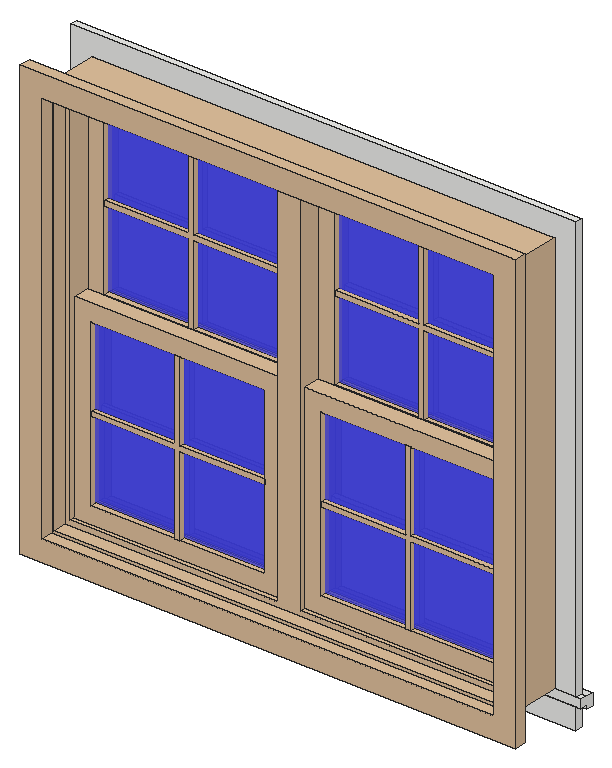
Revit family "f85bfa543313479ebe81d5e782c4ee9b", category Windows, host Wall, Revit 2021
Family settings
  Host = Wall
  OmniClass Number = 23.30.20.17.17.14
  OmniClass Title = Double-Hung Windows
  Always vertical = Yes
  Cut with Voids When Loaded = No
  Shared = No
  Room Calculation Point = No
Parameters (values of type "48" x 42"")
  Wall Thickness [instance] = 0' - 6"
  Window Inset [instance] = 0' - 0"
  Visual Light Transmittance = 0.81
  Top Muntin Visibility = yes
  Thermal Resistance (R) = 1.8146 (h·ft²·°F)/BTU
  Solar Heat Gain Coefficient = 0.76
  Muntin Width = 0.5 * (Width - 0' 6" - 0' 5 7/8")  # 1' - 6 1/16"
  Muntin Pattern = Muntin Pattern_2x2 : Muntin Pattern_2x2
  Muntin Height = 0.5 * (Height - 0' 6" - 0' 1 3/4")  # 1' - 5 1/8"
  Interior Wall Closure [instance] = 0' - 1 1/2"
  Interior Trim Material = Wood - Stained
  Interior Trim = Trim-Window-Interior-Flat : Picture Frame
  Rough Width = Width + 0' 0 1/2"  # 4' - 0 1/2"
  Rough Height = Height + 0' 0 1/2"  # 3' - 6 1/2"
  Indicator Visibility [instance] = yes
  Frame Extension [instance] = if(Exterior Trim Visibility, Window Inset + 0' 1 1/4", 0' 1 1/4")  # 0' - 1 1/4"
  Fire Rating = "0.5h"
  Exterior Wall Closure [instance] = 0' - 0 1/2"
  Exterior Trim Material = Clad - White
  Extension Jamb Visibility [instance] = and(Interior Trim Visibility, Wall Thickness - Window Inset > 0' 4 1/2")  # yes
  Interior Trim Visibility [instance] = yes
  Exterior Trim Visibility [instance] = yes
  Exterior Trim = Trim-Window-Exterior-Flat : with Sill
  Extension Jamb [instance] = if(Wall Thickness - Window Inset > 0' 4 1/2", Wall Thickness - Window Inset - 0' 4 1/2", 0' 1")  # 0' - 1 1/2"
  Define Thermal Properties by = Schematic Type
  Construction Type Id = "DG-DR"
  Heat Transfer Coefficient (U) = 0.5511 BTU/(h·ft²·°F)
  Bottom Muntin Visibility = yes
  Assembly Code = "B2020100"
  Glass Panel Material = Glass
  Height = 3' - 6"
  Exterior Frame Material = Clad - White
  Interior Frame Material = Wood - Stained
  Wall Closure = By host
  Width = 4' - 0"
  Analytic Construction = "Double glazing - domestic"
Reference planes (in)
  plane 1 "Center (Front/Back)": y = 0
  plane 2: z = 0
  plane 3 "Center": x = 0
  plane 4 "Left": x = -24
  plane 5 "Right": x = 24
  plane 6 "Sill": z = 36
  plane 7 "Top": z = 78
  plane 8 "Wall Face": y = 3
  plane 9: y = -3
  plane 10 "Middle": z = 57
  plane 11: z = 76.75
  plane 12: z = 37.25
  plane 13: x = 22.75
  plane 14: x = -22.75
  plane 15: x = 21
  plane 16: x = -21
  plane 17: z = 39
  plane 18: z = 75
  plane 19 "Wall Closure": y = -1.5
  plane 20: z = 77.375
  plane 21 "Frame Face": y = 3.75
  plane 22 "Sash 2": y = -1
  plane 23 "Sash Face 1": y = 2.5
  plane 24 "Inset Face": y = 3
  plane 25 "Sash 1": y = 0.75
  plane 26 "Glass 1": y = 1.625
  plane 27: z = 57.875
  plane 28: z = 56.125
  plane 29 "Glass 2": y = -0.125
  plane 30: y = -1.5
  plane 31: x = -1.1875
  plane 32: x = 1.1875
  plane 33: x = 11.96875
  plane 34: x = -11.96875
  plane 35: z = 66.4375
  plane 36: z = 47.5625
  plane 37: x = -2.9375
  plane 38: x = 2.9375
  plane 39: y = -1.5
  plane 40: y = 2.5
  plane 41: y = 3.75
Forms (in)
  Extrusion 1, solid, material "Wood - Stained" <- "Interior Frame Material", visible <- "Extension Jamb Visibility"
    sketch origin (0, -0.25, 0) x (-1, 0, 0) y (0, 0, 1)
      loop
        line (24, 78) -> (-24, 78) -> (-24, 36) -> (24, 36) -> (24, 78)
      loop
        line (23.25, 77.25) -> (-23.25, 77.25) -> (-23.25, 36.75) -> (23.25, 36.75) -> (23.25, 77.25)
    from -2.75 to -1.25
  Sweep 2, solid, material "Wood - Stained" <- "Interior Frame Material"
    path origin (0, 2.5, 0) x (-1, 0, 0) y (0, 0, 1)
      loop
        line (-24, 36) -> (24, 36) -> (24, 78) -> (-24, 78) -> (-24, 36)
    profile origin (24, 2.5, 57) x (1, 0, 0) y (0, 1, 0)
      loop
        line (-1.25, 1.25) -> (-1.25, -4) -> (0, -4) -> (0, 1.25) -> (-1.25, 1.25)
  Sweep 3, solid, material "Wood - Stained" <- "Interior Frame Material"
    path origin (0, 2.5, 0) x (-1, 0, 0) y (0, 0, 1)
      loop
        line (-22.75, 56.125) -> (-1.1875, 56.125) -> (-1.1875, 76.75) -> (-22.75, 76.75) -> (-22.75, 56.125)
    profile origin (22.75, 2.5, 66.4375) x (1, 0, 0) y (0, 1, 0)
      loop
        line (0, 0) -> (-1.75, 0) -> (-1.75, -1.75) -> (0, -1.75) -> (0, 0)
  Sweep 4, solid, material "Wood - Stained" <- "Interior Frame Material"
    path origin (0, 0.75, 0) x (-1, 0, 0) y (0, 0, 1)
      loop
        line (-22.75, 37.25) -> (-1.1875, 37.25) -> (-1.1875, 57.875) -> (-22.75, 57.875) -> (-22.75, 37.25)
    profile origin (22.75, 0.75, 47.5625) x (1, 0, 0) y (0, 1, 0)
      loop
        line (0, 0) -> (-1.75, 0) -> (-1.75, -1.75) -> (0, -1.75) -> (0, 0)
  Extrusion 5, solid, material "Glass" <- "Glass Panel Material"
    sketch origin (0, 0, 36) x (0, -1, 0) y (1, 0, 0)
      loop
        line (-2, 2.9375) -> (-1.75, 2.9375) -> (-1.75, 21) -> (-2, 21) -> (-2, 2.9375)
      loop
        line (-1.5, 21) -> (-1.5, 2.9375) -> (-1.25, 2.9375) -> (-1.25, 21) -> (-1.5, 21)
    from 21.875 to 39
  Extrusion 6, solid, material "Glass" <- "Glass Panel Material"
    sketch origin (0, 0, 0) x (1, 0, 0) y (0, 1, 0)
      loop
        line (2.9375, 0.25) -> (2.9375, 0) -> (21, 0) -> (21, 0.25) -> (2.9375, 0.25)
      loop
        line (21, -0.25) -> (2.9375, -0.25) -> (2.9375, -0.5) -> (21, -0.5) -> (21, -0.25)
    from 39 to 56.125
  Extrusion 7, solid, material "Wood - Stained" <- "Interior Frame Material"
    sketch origin (0, 0, 0) x (1, 0, 0) y (0, 1, 0)
      loop
        line (-1.1875, 3.75) -> (-1.1875, -1.5) -> (1.1875, -1.5) -> (1.1875, 3.75) -> (-1.1875, 3.75)
    from 37.25 to 76.75
  Sweep 8, solid, material "Wood - Stained" <- "Interior Frame Material"
    path origin (0, 2.5, 0) x (1, 0, 0) y (0, 0, 1)
      loop
        line (-22.75, 56.125) -> (-1.1875, 56.125) -> (-1.1875, 76.75) -> (-22.75, 76.75) -> (-22.75, 56.125)
    profile origin (-22.75, 2.5, 66.4375) x (1, 0, 0) y (0, 1, 0)
      loop
        line (0, 0) -> (0, -1.75) -> (1.75, -1.75) -> (1.75, 0) -> (0, 0)
  Sweep 9, solid, material "Wood - Stained" <- "Interior Frame Material"
    path origin (0, 0.75, 0) x (1, 0, 0) y (0, 0, 1)
      loop
        line (-22.75, 37.25) -> (-1.1875, 37.25) -> (-1.1875, 57.875) -> (-22.75, 57.875) -> (-22.75, 37.25)
    profile origin (-22.75, 0.75, 47.5625) x (1, 0, 0) y (0, 1, 0)
      loop
        line (0, 0) -> (0, -1.75) -> (1.75, -1.75) -> (1.75, 0) -> (0, 0)
  Extrusion 10, solid, material "Glass" <- "Glass Panel Material"
    sketch origin (0, 0, 36) x (0, -1, 0) y (1, 0, 0)
      loop
        line (-2, -2.9375) -> (-2, -21) -> (-1.75, -21) -> (-1.75, -2.9375) -> (-2, -2.9375)
      loop
        line (-1.5, -21) -> (-1.25, -21) -> (-1.25, -2.9375) -> (-1.5, -2.9375) -> (-1.5, -21)
    from 21.875 to 39
  Extrusion 11, solid, material "Glass" <- "Glass Panel Material"
    sketch origin (0, 0, 0) x (-1, 0, 0) y (0, -1, 0)
      loop
        line (2.9375, -0.25) -> (21, -0.25) -> (21, 0) -> (2.9375, 0) -> (2.9375, -0.25)
      loop
        line (21, 0.25) -> (21, 0.5) -> (2.9375, 0.5) -> (2.9375, 0.25) -> (21, 0.25)
    from 39 to 56.125
Cuts and joins
  joined: Sweep 2, Extrusion 7
Lines and regions (in)
  Opening 1
    outline origin (-60, -3, 0) x (1, 0, 0) y (0, 0, 1)
      loop
        line (84, 78) -> (36, 78) -> (36, 36) -> (84, 36) -> (84, 78)
  Split face 1
    outline origin (2.9375, -1, 39) x (1, 0, 0) y (0, 1, 0)
      loop
        line (0, 1) -> (18.0625, 1)
  Split face 2
    outline origin (21, -1, 39) x (0, 0, 1) y (0, 1, 0)
      loop
        line (0, 1) -> (17.125, 1)
  Split face 3
    outline origin (2.9375, -1, 56.125) x (0, 0, -1) y (0, 1, 0)
      loop
        line (17.125, 1) -> (0, 1)
  Split face 4
    outline origin (21, -1, 56.125) x (0, 1, 0) y (-1, 0, 0)
      loop
        line (1, 0) -> (1, 18.0625)
  Split face 5
    outline origin (2.9375, 0.75, 57.875) x (1, 0, 0) y (0, 1, 0)
      loop
        line (18.0625, 0.75) -> (0, 0.75)
  Split face 6
    outline origin (2.9375, 0.75, 57.875) x (1, 0, 0) y (0, 1, 0)
      loop
        line (18.0625, 1) -> (0, 1)
  Split face 7
    outline origin (21, 0.75, 57.875) x (0, 0, 1) y (0, 1, 0)
      loop
        line (0, 1) -> (17.125, 1)
  Split face 8
    outline origin (2.9375, 0.75, 75) x (0, 0, -1) y (0, 1, 0)
      loop
        line (17.125, 1) -> (0, 1)
  Split face 9
    outline origin (21, 0.75, 75) x (0, 1, 0) y (-1, 0, 0)
      loop
        line (1, 0) -> (1, 18.0625)
  Split face 10
    outline origin (-2.9375, 0.75, 39) x (-1, 0, 0) y (0, -1, 0)
      loop
        line (0, 0.75) -> (18.0625, 0.75)
  Split face 11
    outline origin (-21, 0.75, 39) x (0, 0, 1) y (0, -1, 0)
      loop
        line (0, 0.75) -> (17.125, 0.75)
  Split face 12
    outline origin (-2.9375, 0.75, 56.125) x (0, 0, -1) y (0, -1, 0)
      loop
        line (17.125, 0.75) -> (0, 0.75)
  Split face 13
    outline origin (-21, 0.75, 56.125) x (0, -1, 0) y (1, 0, 0)
      loop
        line (0.75, 0) -> (0.75, 18.0625)
  Split face 14
    outline origin (-2.9375, 2.5, 57.875) x (-1, 0, 0) y (0, -1, 0)
      loop
        line (18.0625, 1) -> (0, 1)
  Split face 15
    outline origin (-2.9375, 2.5, 57.875) x (-1, 0, 0) y (0, -1, 0)
      loop
        line (18.0625, 0.75) -> (0, 0.75)
  Split face 16
    outline origin (-21, 2.5, 57.875) x (0, 0, 1) y (0, -1, 0)
      loop
        line (0, 0.75) -> (17.125, 0.75)
  Split face 17
    outline origin (-2.9375, 2.5, 75) x (0, 0, -1) y (0, -1, 0)
      loop
        line (17.125, 0.75) -> (0, 0.75)
  Split face 18
    outline origin (-21, 2.5, 75) x (0, -1, 0) y (1, 0, 0)
      loop
        line (0.75, 0) -> (0.75, 18.0625)
  Split face 19
    outline origin (22.75, -1.5, 37.25) x (0, 0, 1) y (0, 1, 0)
      loop
        line (39.5, 4) -> (18.875, 4) -> (18.875, 2.25) -> (0, 2.25)
  Split face 20
    outline origin (-1.1875, 3.75, 76.75) x (0, 0, -1) y (0, -1, 0)
      loop
        line (0, 1.25) -> (20.625, 1.25) -> (20.625, 3) -> (39.5, 3)
  Split face 21
    outline origin (1.1875, -1.5, 76.75) x (0, 0, -1) y (0, 1, 0)
      loop
        line (0, 4) -> (20.625, 4) -> (20.625, 2.25) -> (39.5, 2.25)
  Split face 22
    outline origin (-22.75, -1.5, 76.75) x (0, 0, -1) y (0, 1, 0)
      loop
        line (0, 4) -> (20.625, 4) -> (20.625, 2.25) -> (39.5, 2.25)
  Split face 23
    outline origin (-22.75, -1.5, 37.25) x (1, 0, 0) y (0, 1, 0)
      loop
        line (45.5, 2.25) -> (23.9375, 2.25)
      loop
        line (0, 2.25) -> (21.5625, 2.25)
  Split face 24
    outline origin (22.75, -1.5, 76.75) x (0, 1, 0) y (-1, 0, 0)
      loop
        line (4, 0) -> (4, 21.5625)
      loop
        line (4, 23.9375) -> (4, 45.5)
Text (in)
  text "EXTERIOR" at (-58.6888, 30.41546, 0), in view "Ref. Level"
  text "INTERIOR" at (-58.6888, -28.32711, 0), in view "Ref. Level"
  text "Exterior" at (0, 43.65631, 134.44969), in view "Left"
  text "Exterior" at (0, 18.29385, 125.04747), in view "Right"
Dimensions and locks (in)
  equal spacing: plane 4 "Left", plane 3 "Center", plane 5 "Right"
  "Width": plane 4 "Left" to plane 5 "Right"
  equal spacing: plane 6 "Sill", plane 10 "Middle", plane 7 "Top"
  "Height": plane 7 "Top" to plane 6 "Sill"
  locked: plane 5 "Right" to plane 13 at 1.25
  locked: plane 14 to plane 4 "Left" at 1.25
  locked: plane 11 to plane 7 "Top" at 1.25
  locked: plane 6 "Sill" to plane 12 at 1.25
  locked: plane 15 to plane 13 at 1.75
  locked: plane 14 to plane 16 at 1.75
  locked: plane 18 to plane 11 at 1.75
  locked: plane 12 to plane 17 at 1.75
  "Wall Thickness": host wall to host wall
  locked: plane 7 "Top" to plane 20 at 0.625
  locked: plane 21 "Frame Face" to plane 8 "Wall Face" at 0.75
  locked: plane 23 "Sash Face 1" to plane 25 "Sash 1" at 1.75
  locked: plane 25 "Sash 1" to plane 22 "Sash 2" at 1.75
  equal spacing: plane 23 "Sash Face 1", plane 26 "Glass 1", plane 25 "Sash 1"
  equal spacing: plane 28, plane 10 "Middle", plane 27
  locked: plane 28 to plane 27 at 1.75
  locked: Extrusion 5 sketch curve to Extrusion 5 sketch curve at 0.25  (x3)
  equal spacing: Extrusion 5 sketch curve, plane 26 "Glass 1", Extrusion 5 sketch curve
  equal spacing: plane 25 "Sash 1", plane 29 "Glass 2", plane 22 "Sash 2"
  locked: Extrusion 6 sketch curve to Extrusion 6 sketch curve at 0.25  (x3)
  equal spacing: Extrusion 6 sketch curve, plane 29 "Glass 2", Extrusion 6 sketch curve
  locked: plane 22 "Sash 2" to plane 30 at 0.5
  "Extension Jamb": plane 19 "Wall Closure" to host wall
  equal spacing: plane 31, plane 3 "Center", plane 32
  locked: plane 31 to plane 32 at 2.375
  locked: Extrusion 10 sketch curve to Extrusion 10 sketch curve at 0.25  (x2)
  Extrusion 10 sketch curve to Extrusion 10 sketch curve = 0' - 0 1/4"
  locked: Extrusion 11 sketch curve to Extrusion 11 sketch curve at 0.25  (x3)
  Extrusion 11 sketch curve to Extrusion 11 sketch curve = 0' - 0 1/4"
  equal spacing: Extrusion 10 sketch curve, plane 26 "Glass 1", Extrusion 10 sketch curve
  equal spacing: Extrusion 11 sketch curve, plane 29 "Glass 2", Split face 13
  locked: Extrusion 1 sketch curve to plane 7 "Top" at 0.75
  locked: Extrusion 1 sketch curve to plane 5 "Right" at 0.75
  locked: plane 6 "Sill" to Extrusion 1 sketch curve at 0.75
  locked: plane 4 "Left" to Extrusion 1 sketch curve at 0.75
  "Window Inset": plane 8 "Wall Face" to plane 24 "Inset Face"
  locked: plane 24 "Inset Face" to plane 23 "Sash Face 1" at 0.5
  equal spacing: plane 13, plane 33, plane 32
  equal spacing: plane 31, plane 34, plane 14
  equal spacing: plane 17, plane 36, plane 28
  equal spacing: plane 27, plane 35, plane 18
  locked: plane 31 to plane 37 at 1.75
  locked: plane 38 to plane 32 at 1.75
  "Interior Wall Closure": plane 39 to plane 9
  "Exterior Wall Closure": plane 8 "Wall Face" to plane 40
  "Frame Extension": plane 41 to plane 23 "Sash Face 1"
  aligned and locked: plane 9 to host wall
  aligned and locked: host wall to plane 8 "Wall Face"
  aligned and locked: Opening 1 sketch curve to plane 4 "Left"
  aligned and locked: Opening 1 sketch curve to plane 7 "Top"
  aligned and locked: plane 5 "Right" to Opening 1 sketch curve
  aligned and locked: Opening 1 sketch curve to plane 6 "Sill"
  aligned and locked: Extrusion 1 sketch curve to plane 7 "Top"
  aligned and locked: Extrusion 1 sketch curve to plane 4 "Left"
  aligned and locked: plane 5 "Right" to Extrusion 1 sketch curve
  aligned and locked: Extrusion 1 sketch curve to plane 6 "Sill"
  aligned and locked: Extrusion 1 to plane 19 "Wall Closure"
  aligned and locked: Sweep 2 sketch curve to host wall  (x3)
  aligned and locked: plane 5 "Right" to Sweep 2 sketch curve
  aligned and locked: plane 13 to Sweep 2 sketch curve
  aligned and locked: Sweep 3 sketch curve to plane 13
  aligned and locked: Sweep 3 sketch curve to plane 11
  aligned and locked: Sweep 3 sketch curve to plane 25 "Sash 1"
  aligned and locked: plane 28 to Sweep 3 sketch curve
  aligned and locked: Sweep 4 sketch curve to plane 27
  aligned and locked: Sweep 4 sketch curve to plane 13
  aligned and locked: plane 12 to Sweep 4 sketch curve
  aligned and locked: profile plane to Sweep 4 sketch curve
  aligned and locked: Sweep 4 sketch curve to profile plane
  aligned and locked: Sweep 4 sketch curve to plane 22 "Sash 2"
  aligned and locked: plane 15 to Sweep 4 sketch curve
  aligned and locked: plane 18 to Extrusion 5
  aligned and locked: plane 15 to Extrusion 6 sketch curve
  aligned and locked: Extrusion 6 sketch curve to plane 15
  aligned and locked: Extrusion 6 to plane 17
  aligned and locked: plane 28 to Extrusion 6
  aligned and locked: Extrusion 6 to Split face 1 sketch curve
  aligned and locked: Split face 2 sketch curve to Extrusion 6
  aligned and locked: Split face 3 sketch curve to Extrusion 6
  aligned and locked: Split face 4 sketch curve to Extrusion 6
  aligned and locked: plane 15 to Sweep 3 sketch curve
  aligned and locked: Extrusion 5 to plane 27
  aligned and locked: plane 15 to Extrusion 5 sketch curve
  aligned and locked: Extrusion 5 sketch curve to plane 15
  aligned and locked: Split face 6 sketch curve to Extrusion 5
  aligned and locked: Split face 7 sketch curve to Extrusion 5
  aligned and locked: Split face 8 sketch curve to Extrusion 5
  aligned and locked: Split face 9 sketch curve to Extrusion 5
  aligned and locked: Sweep 2 sketch curve to plane 30
  aligned and locked: Extrusion 1 to plane 9
  aligned and locked: nested 1 to plane 26 "Glass 1"
  aligned and locked: nested 2 to plane 29 "Glass 2"
  aligned and locked: nested 3 to plane 8 "Wall Face"
  aligned and locked: nested 3 to plane 4 "Left"
  aligned and locked: nested 3 to plane 5 "Right"
  aligned and locked: Extrusion 7 sketch curve to plane 31
  aligned and locked: plane 32 to Extrusion 7 sketch curve
  aligned and locked: plane 32 to Sweep 3 sketch curve
  aligned and locked: plane 32 to Sweep 4 sketch curve
  aligned and locked: Sweep 9 sketch curve to profile plane
  aligned and locked: Sweep 8 sketch curve to plane 28
  aligned and locked: plane 31 to Sweep 8 sketch curve
  aligned and locked: plane 11 to Sweep 8 sketch curve
  aligned and locked: Sweep 8 sketch curve to plane 14
  aligned and locked: plane 16 to Sweep 8 sketch curve
  aligned and locked: plane 14 to Sweep 8 sketch curve
  aligned and locked: Sweep 8 sketch curve to plane 23 "Sash Face 1"
  aligned and locked: plane 25 "Sash 1" to Sweep 8 sketch curve
  aligned and locked: plane 31 to Sweep 9 sketch curve
  aligned and locked: Sweep 9 sketch curve to plane 14
  aligned and locked: Sweep 9 sketch curve to plane 12
  aligned and locked: plane 27 to Sweep 9 sketch curve
  aligned and locked: plane 16 to Sweep 9 sketch curve
  aligned and locked: Sweep 9 sketch curve to Sweep 8
  aligned and locked: plane 22 "Sash 2" to Sweep 9 sketch curve
  aligned and locked: plane 16 to Extrusion 10 sketch curve
  aligned and locked: Extrusion 10 sketch curve to plane 16
  aligned and locked: plane 16 to Extrusion 11 sketch curve
  aligned and locked: Extrusion 11 sketch curve to plane 16
  aligned and locked: plane 26 "Glass 1" to nested 4
  aligned and locked: plane 29 "Glass 2" to nested 5
  aligned and locked: Extrusion 10 to plane 18
  aligned and locked: Extrusion 10 to plane 27
  aligned and locked: plane 17 to Extrusion 11
  aligned and locked: plane 28 to Extrusion 11
  aligned and locked: Extrusion 7 sketch curve to plane 30
  aligned and locked: Extrusion 10 sketch curve to Sweep 8
  aligned and locked: Sweep 8 to Extrusion 10 sketch curve
  aligned and locked: Sweep 3 to Extrusion 5 sketch curve
  aligned and locked: Extrusion 5 sketch curve to Sweep 3
  aligned and locked: Sweep 4 to Extrusion 6 sketch curve
  aligned and locked: Extrusion 6 sketch curve to Sweep 4
  aligned and locked: Extrusion 11 sketch curve to Sweep 9
  aligned and locked: Sweep 9 to Extrusion 11 sketch curve
  aligned and locked: plane 11 to cut or joined group of Sweep 2, Extrusion 7
  aligned and locked: cut or joined group of Sweep 2, Extrusion 7 to plane 12
  aligned and locked: plane 23 "Sash Face 1" to Split face 19 sketch curve
  aligned and locked: Split face 19 sketch curve to plane 28
  aligned and locked: plane 25 "Sash 1" to Split face 19 sketch curve
  aligned and locked: plane 25 "Sash 1" to Split face 20 sketch curve
  aligned and locked: Split face 20 sketch curve to plane 28
  aligned and locked: plane 23 "Sash Face 1" to Split face 20 sketch curve
  aligned and locked: Split face 21 sketch curve to plane 25 "Sash 1"
  aligned and locked: plane 28 to Split face 21 sketch curve
  aligned and locked: Split face 21 sketch curve to plane 23 "Sash Face 1"
  aligned and locked: Split face 22 sketch curve to plane 25 "Sash 1"
  aligned and locked: plane 28 to Split face 22 sketch curve
  aligned and locked: Split face 22 sketch curve to plane 23 "Sash Face 1"
  aligned and locked: Split face 23 sketch curve to plane 25 "Sash 1"  (x2)
  aligned and locked: plane 23 "Sash Face 1" to Split face 24 sketch curve
  aligned and locked: Split face 24 sketch curve to plane 23 "Sash Face 1"
  aligned and locked: plane 33 to nested 6
  aligned and locked: plane 36 to nested 6
  aligned and locked: plane 34 to nested 7
  aligned and locked: plane 36 to nested 7
  aligned and locked: plane 33 to nested 8
  aligned and locked: plane 34 to nested 9
  aligned and locked: nested 8 to plane 35
  aligned and locked: nested 9 to plane 35
  aligned and locked: nested 3 to plane 7 "Top"
  aligned and locked: nested 4 to plane 27
  aligned and locked: plane 27 to nested 1
  aligned and locked: nested 5 to plane 17
  aligned and locked: nested 2 to plane 17
  aligned and locked: nested 5 to plane 28
  aligned and locked: plane 28 to nested 2
  aligned and locked: nested 5 to plane 16
  aligned and locked: plane 37 to nested 5
  aligned and locked: nested 2 to plane 15
  aligned and locked: plane 38 to nested 2
  aligned and locked: nested 4 to plane 18
  aligned and locked: plane 18 to nested 1
  aligned and locked: plane 37 to nested 4
  aligned and locked: nested 4 to plane 16
  aligned and locked: plane 38 to nested 1
  aligned and locked: nested 1 to plane 15
  aligned and locked: nested 11 to plane 7 "Top"
  aligned and locked: plane 3 "Center" to nested 11
  aligned and locked: nested 10 to plane 7 "Top"
  aligned and locked: nested 10 to plane 3 "Center"
  aligned and locked: Sweep 2 sketch curve to plane 41
  aligned and locked: plane 41 to Extrusion 7 sketch curve
Automatic sketch dimensions
  Sweep 3 sketch curve to profile plane = 0' - 0"
  plane 23 "Sash Face 1" to Sweep 3 sketch curve = 0' - 0"
  Split face 1 sketch curve to Sweep 4 = 0' - 0"  (x2)
  Split face 2 sketch curve to Sweep 4 = 0' - 0"
  Sweep 4 to Split face 2 sketch curve = 0' - 0"
  Sweep 4 to Split face 3 sketch curve = 0' - 0"
  Split face 3 sketch curve to Sweep 4 = 0' - 0"
  Split face 4 sketch curve to Sweep 4 = 0' - 0"  (x2)
  Split face 5 sketch curve to Sweep 3 = 0' - 0"  (x2)
  Split face 5 sketch curve to Sweep 3 = 0' - 0 3/4"
  Split face 6 sketch curve to Sweep 3 = 0' - 0"  (x2)
  Split face 7 sketch curve to Sweep 3 = 0' - 0"
  Sweep 3 to Split face 7 sketch curve = 0' - 0"
  Sweep 3 to Split face 8 sketch curve = 0' - 0"
  Split face 8 sketch curve to Sweep 3 = 0' - 0"
  Split face 9 sketch curve to Sweep 3 = 0' - 0"  (x2)
  Split face 10 sketch curve to Sweep 9 = 0' - 0"  (x2)
  Split face 10 sketch curve to Sweep 9 = 0' - 0 3/4"
  Split face 11 sketch curve to Sweep 9 = 0' - 0"
  Sweep 9 to Split face 11 sketch curve = 0' - 0"
  Split face 11 sketch curve to Sweep 9 = 0' - 0 3/4"
  Sweep 9 to Split face 12 sketch curve = 0' - 0"
  Split face 12 sketch curve to Sweep 9 = 0' - 0"
  Split face 12 sketch curve to Sweep 9 = 0' - 0 3/4"
  Split face 13 sketch curve to Sweep 9 = 0' - 0"  (x2)
  Split face 13 sketch curve to Sweep 9 = 0' - 0 3/4"
  Split face 14 sketch curve to Sweep 8 = 0' - 0"  (x2)
  Split face 14 sketch curve to Sweep 8 = 0' - 0 3/4"
  Split face 15 sketch curve to Sweep 8 = 0' - 0"  (x2)
  Split face 15 sketch curve to Sweep 8 = 0' - 0 3/4"
  Split face 16 sketch curve to Sweep 8 = 0' - 0"
  Sweep 8 to Split face 16 sketch curve = 0' - 0"
  Split face 16 sketch curve to Sweep 8 = 0' - 0 3/4"
  Sweep 8 to Split face 17 sketch curve = 0' - 0"
  Split face 17 sketch curve to Sweep 8 = 0' - 0"
  Split face 17 sketch curve to Sweep 8 = 0' - 0 3/4"
  Split face 18 sketch curve to Sweep 8 = 0' - 0"  (x2)
  Split face 18 sketch curve to Sweep 8 = 0' - 0 3/4"
  Extrusion 10 sketch curve to plane 26 "Glass 1" = 0' - 0 1/8"
  Split face 19 sketch curve to cut or joined group of Sweep 2, Extrusion 7 = 0' - 0"
  cut or joined group of Sweep 2, Extrusion 7 to Split face 19 sketch curve = 0' - 0"
  cut or joined group of Sweep 2, Extrusion 7 to Split face 20 sketch curve = 0' - 0"
  Split face 20 sketch curve to cut or joined group of Sweep 2, Extrusion 7 = 0' - 0"
  cut or joined group of Sweep 2, Extrusion 7 to Split face 21 sketch curve = 0' - 0"
  Split face 21 sketch curve to cut or joined group of Sweep 2, Extrusion 7 = 0' - 0"
  cut or joined group of Sweep 2, Extrusion 7 to Split face 22 sketch curve = 0' - 0"
  Split face 22 sketch curve to cut or joined group of Sweep 2, Extrusion 7 = 0' - 0"
  Split face 23 sketch curve to cut or joined group of Sweep 2, Extrusion 7 = 0' - 0"  (x4)
  Split face 24 sketch curve to cut or joined group of Sweep 2, Extrusion 7 = 0' - 0"  (x4)
  Sweep 2 sketch curve to plane 7 "Top" = 0' - 0"
Nested families (in)
  nested 1: "Muntin Pattern_2x2" at (11.96875, 1.625, 57.875), Exterior Material <- "Exterior Frame Material", Interior Material <- "Interior Frame Material", type <- "Muntin Pattern", visible <- "Top Muntin Visibility", type "Muntin Pattern_2x2"
    with Width 1' - 6 1/16", Interior Material Wood - Stained, Height 1' - 5 1/8", Exterior Material Clad - White
  nested 2: "Muntin Pattern_2x2" at (11.96875, -0.125, 39), Exterior Material <- "Exterior Frame Material", Interior Material <- "Interior Frame Material", type <- "Muntin Pattern", visible <- "Bottom Muntin Visibility", type "Muntin Pattern_2x2"
    with Width 1' - 6 1/16", Interior Material Wood - Stained, Height 1' - 5 1/8", Exterior Material Clad - White
  nested 3: "Plan-Double-Hung-Double" at (0, 3, 36), Window Inset <- "Window Inset", Width <- "Width", Height <- "Height", Wall Thickness <- "Wall Thickness", type "Plan-Double-Hung-Double"
    with Window Inset of 3D 0' - 0 1/2", Window Inset 0' - 0", Width 4' - 0", Wall Thickness 0' - 6", Height 3' - 6"
  nested 4: "Muntin Pattern_2x2" at (-11.96875, 1.625, 57.875) x (-1, 0, 0) z (0, 0, 1), Exterior Material <- "Exterior Frame Material", Interior Material <- "Interior Frame Material", type <- "Muntin Pattern", visible <- "Top Muntin Visibility", type "Muntin Pattern_2x2"
    with Width 1' - 6 1/16", Interior Material Wood - Stained, Height 1' - 5 1/8", Exterior Material Clad - White
  nested 5: "Muntin Pattern_2x2" at (-11.96875, -0.125, 39) x (-1, 0, 0) z (0, 0, 1), Exterior Material <- "Exterior Frame Material", Interior Material <- "Interior Frame Material", type <- "Muntin Pattern", visible <- "Bottom Muntin Visibility", type "Muntin Pattern_2x2"
    with Width 1' - 6 1/16", Interior Material Wood - Stained, Height 1' - 5 1/8", Exterior Material Clad - White
  nested 6: "Filled Arrow" at (11.96875, 0.75, 47.5625) x (0, 0, 1) z (0, 1, 0), visible <- "Indicator Visibility", type "Filled Arrow"
  nested 7: "Filled Arrow" at (-11.96875, 0.75, 47.5625) x (0, 0, 1) z (0, 1, 0), visible <- "Indicator Visibility", type "Filled Arrow"
  nested 8: "Filled Arrow" at (11.96875, 0.75, 66.4375) x (0, 0, -1) z (0, 1, 0), visible <- "Indicator Visibility", type "Filled Arrow"
  nested 9: "Filled Arrow" at (-11.96875, 0.75, 66.4375) x (0, 0, -1) z (0, 1, 0), visible <- "Indicator Visibility", type "Filled Arrow"
  nested 10: "Trim-Window-Exterior-Flat" at (0, 3, 78) x (-1, 0, 0) z (0, 1, 0), visible <- "Exterior Trim Visibility", Trim Material <- "Exterior Trim Material", Opening Width <- "Width", Opening Height <- "Height", type <- "Exterior Trim", type "with Sill"
    with Trim Material Clad - White, Opening Width 4' - 0", Opening Height 3' - 6"
  nested 11: "Trim-Window-Interior-Flat" at (0, -3, 78) x (1, 0, 0) z (0, -1, 0), visible <- "Interior Trim Visibility", Trim Material <- "Interior Trim Material", Opening Width <- "Width", Opening Height <- "Height", type <- "Interior Trim", type "Picture Frame"
    with Trim Material Wood - Stained, Opening Width 4' - 0", Opening Height 3' - 6"
Definition of nested family "Muntin Pattern_2x2"
  Parameters (values of type "Muntin Pattern_2x2")
    Width [instance] = 4' - 0"
    Thickness = 0' - 0 1/2"
    Height [instance] = 4' - 0"
    Interior Material [instance] = none
    Exterior Material [instance] = none
    Distance = 0' - 0 3/4"
    Default Elevation = 0' - 0"
  Reference planes (in)
    plane 1 "Center (Front/Back)": y = 0
    plane 2: z = 0
    plane 3 "Center (Left/Right)": x = 0
    plane 4: z = 48
    plane 5: x = -24
    plane 6: x = 24
    plane 7: z = 24
    plane 8: y = 0.375
    plane 9: y = 0.875
    plane 10: y = -0.375
    plane 11: y = -0.875
  Forms (in)
    Extrusion 1, solid, material <- "Interior Material", detail levels fine
      sketch origin (0, 0, 0) x (1, 0, 0) y (0, 0, 1)
        loop
          line (-24, 24.25) -> (-24, 23.75) -> (-0.25, 23.75) -> (-0.25, 0) -> (0.25, 0) -> (0.25, 23.75) -> (24, 23.75) -> (24, 24.25) -> (0.25, 24.25) -> (0.25, 48) -> (-0.25, 48) -> (-0.25, 24.25) -> (-24, 24.25)
      from 0.375 to 0.875
    Extrusion 2, solid, material <- "Exterior Material", detail levels fine
      sketch origin (0, 0, 0) x (1, 0, 0) y (0, 0, -1)
        loop
          line (-24, -24.25) -> (-0.25, -24.25) -> (-0.25, -48) -> (0.25, -48) -> (0.25, -24.25) -> (24, -24.25) -> (24, -23.75) -> (0.25, -23.75) -> (0.25, 0) -> (-0.25, 0) -> (-0.25, -23.75) -> (-24, -23.75) -> (-24, -24.25)
      from 0.375 to 0.875
  Lines and regions (in)
    model lines, detail levels medium
      curve 1: line (0, 0.375, 48) -> (0, 0.375, 0)
      curve 2: line (-24, -0.375, 24) -> (24, -0.375, 24)
      curve 3: line (-24, 0.375, 24) -> (24, 0.375, 24)
      curve 4: line (0, -0.375, 48) -> (0, -0.375, 0)
  Dimensions and locks (in)
    equal spacing: plane 6, plane 3 "Center (Left/Right)", plane 5
    "Width": plane 6 to plane 5
    "Height": plane 4 to plane 2
    equal spacing: plane 4, plane 7, plane 2
    locked: plane 3 "Center (Left/Right)" to Extrusion 1 sketch curve at 0.25  (x4)
    locked: Extrusion 1 sketch curve to plane 7 at 0.25  (x2)
    locked: plane 7 to Extrusion 1 sketch curve at 0.25  (x2)
    "Thickness": plane 9 to plane 8
    "Thickness": plane 10 to plane 11
    "Distance": plane 8 to plane 10
    equal spacing: plane 8, plane 1 "Center (Front/Back)", plane 10
    aligned and locked: plane 2 to level
    aligned and locked: plane 4 to curve 1
    aligned and locked: plane 5 to curve 2
    aligned and locked: plane 2 to curve 1
    aligned and locked: plane 6 to curve 2
    aligned and locked: Extrusion 1 sketch curve to plane 4
    aligned and locked: Extrusion 1 sketch curve to plane 6
    aligned and locked: Extrusion 1 sketch curve to plane 5
    aligned and locked: Extrusion 1 sketch curve to level
    aligned and locked: Extrusion 1 to plane 11
    aligned and locked: plane 10 to Extrusion 1
    aligned and locked: Extrusion 2 to plane 5
    aligned and locked: plane 6 to Extrusion 2
    aligned and locked: Extrusion 2 to plane 8
    aligned and locked: plane 9 to Extrusion 2
    aligned and locked: Extrusion 2 to plane 2
    aligned and locked: plane 4 to Extrusion 2
    aligned and locked: plane 5 to curve 3
    aligned and locked: plane 6 to curve 3
    aligned and locked: plane 4 to curve 4
    aligned and locked: plane 2 to curve 4
    aligned and locked: plane 8 to curve 3
  Automatic sketch dimensions
    curve 2 to plane 7 = 0' - 0"
    Extrusion 2 sketch curve to plane 5 = 0' - 0"
    Extrusion 2 sketch curve to level = 0' - 0"
    Extrusion 2 sketch curve to plane 4 = 0' - 0"
    Extrusion 2 sketch curve to plane 6 = 0' - 0"
    Extrusion 2 sketch curve to plane 3 "Center (Left/Right)" = 0' - 0 1/4"  (x2)
    plane 3 "Center (Left/Right)" to Extrusion 2 sketch curve = 0' - 0 1/4"  (x2)
    plane 7 to Extrusion 2 sketch curve = 0' - 0 1/4"  (x2)
    Extrusion 2 sketch curve to plane 7 = 0' - 0 1/4"  (x2)
    curve 4 to plane 3 "Center (Left/Right)" = 0' - 0"
    curve 4 to level = 0' - 0"
    curve 4 to plane 4 = 0' - 0"
    curve 3 to plane 6 = 0' - 0"
    curve 1 to plane 3 "Center (Left/Right)" = 0' - 0"
    curve 3 to plane 5 = 0' - 0"
    curve 3 to plane 7 = 0' - 0"
Definition of nested family "Trim-Window-Exterior-Flat"
  Parameters (values of type "with Sill")
    Trim Width = 0' - 2 1/4"
    Trim Thickness_Picture Frame = 0' - 1 1/4"
    Trim Thickness_with Sill = 0' - 0 3/4"
    Trim Material [instance] = none
    Sill Thickness = 0' - 1 1/4"
    Sill = yes
    Picture Frame = no
    Opening Width [instance] = 2' - 0"
    Opening Height [instance] = 3' - 0"
    Default Elevation = 4' - 0"
  Types (2): name | Sill | Picture Frame
    with Sill | yes | no
    Picture Frame | no | yes
  Reference planes (in)
    plane 1 "Center (Front/Back)": y = 0
    plane 2: z = 0
    plane 3 "Center (Left/Right)": x = 0
    plane 4: y = 2.25
    plane 5 "Left": x = -12
    plane 6 "Right": x = 12
    plane 7 "Bottom": y = -36
    plane 8: y = -37.25
    plane 9: y = -39.12332
    plane 10: x = 14.25
    plane 11: x = -14.25
    plane 12: z = 0.75
    plane 13: z = 1.25
    plane 14: x = 14.75
    plane 15: x = -14.75
    plane 16: y = -36.87332
    plane 17: y = -38.25
    plane 18: z = 0.5
    plane 19: y = -18
    plane 20: z = 1.5
  Forms (in)
    Extrusion 1, solid
      sketch origin (0, 0, 0) x (1, 0, 0) y (0, 1, 0)
        loop
          line (-14.25, 2.25) -> (-14.25, -39.12332) -> (14.25, -39.12332) -> (14.25, 2.25) -> (-14.25, 2.25)
      from 0 to -12
    Extrusion 2, solid, material <- "Trim Material", visible <- "Sill"
      sketch origin (0, 0, 0) x (1, 0, 0) y (0, 1, 0)
        loop
          line (-14.25, -36) -> (-12, -36) -> (-12, 0) -> (12, 0) -> (12, -36) -> (14.25, -36) -> (14.25, 2.25) -> (-14.25, 2.25) -> (-14.25, -36)
      from 0 to 0.75
    Extrusion 3, solid, material <- "Trim Material", visible <- "Sill"
      sketch origin (0, 0, 0) x (0, 1, 0) y (0, 0, 1)
        loop
          line (-36.09677, 1.5) -> (-37.25, 1.5) -> (-37.25, 0.75) -> (-36.87332, 0.75) -> (-36.87332, 0) -> (-36, 0) -> (-36, 0.75) -> (-36.09677, 1.5)
      from -14.75 to 14.75
    Extrusion 4, solid, material <- "Trim Material", visible <- "Sill"
      sketch origin (0, 0, 0) x (1, 0, 0) y (0, 1, 0)
        loop
          line (-14.25, -36.87332) -> (-14.25, -39.12332) -> (14.25, -39.12332) -> (14.25, -36.87332) -> (-14.25, -36.87332)
      from 0 to 0.75
    Extrusion 5, solid, material <- "Trim Material", visible <- "Picture Frame"
      sketch origin (0, 0, 0) x (1, 0, 0) y (0, 1, 0)
        loop
          line (-12, 0) -> (-12, -36) -> (12, -36) -> (12, 0) -> (-12, 0)
        loop
          line (-14.25, 2.25) -> (-14.25, -38.25) -> (14.25, -38.25) -> (14.25, 2.25) -> (-14.25, 2.25)
      from 0 to 1.25
  Dimensions and locks (in)
    equal spacing: plane 5 "Left", plane 3 "Center (Left/Right)", plane 6 "Right"
    "Opening Width": plane 5 "Left" to plane 6 "Right"
    "Opening Height": plane 7 "Bottom" to plane 1 "Center (Front/Back)"
    "Sill Thickness": plane 7 "Bottom" to plane 8
    "Trim Width": plane 11 to plane 5 "Left"
    "Trim Width": plane 6 "Right" to plane 10
    "Trim Width": plane 1 "Center (Front/Back)" to plane 4
    locked: plane 15 to plane 11 at 0.5
    locked: plane 10 to plane 14 at 0.5
    locked: plane 16 to plane 8 at 0.37668
    "Trim Width": plane 9 to plane 16
    "Trim Width": plane 17 to plane 7 "Bottom"
    locked: plane 18 to plane 2 at 0.5
    equal spacing: plane 7 "Bottom", plane 19, plane 1 "Center (Front/Back)"
    locked: plane 20 to plane 12 at 0.75
    "Trim Thickness_with Sill": plane 12 to plane 2
    "Trim Thickness_Picture Frame": plane 13 to plane 2
    aligned and locked: plane 2 to Extrusion 1
    aligned and locked: level to Extrusion 1
    aligned and locked: Extrusion 2 sketch curve to plane 5 "Left"
    aligned and locked: Extrusion 2 sketch curve to plane 11
    aligned and locked: plane 7 "Bottom" to Extrusion 2 sketch curve  (x2)
    aligned and locked: plane 1 "Center (Front/Back)" to Extrusion 2 sketch curve
    aligned and locked: plane 10 to Extrusion 2 sketch curve
    aligned and locked: Extrusion 2 sketch curve to plane 6 "Right"
    aligned and locked: plane 12 to Extrusion 2
    aligned and locked: Extrusion 3 sketch curve to level
    aligned and locked: plane 7 "Bottom" to Extrusion 3 sketch curve
    aligned and locked: Extrusion 3 sketch curve to plane 8
    aligned and locked: plane 15 to Extrusion 3
    aligned and locked: Extrusion 3 to plane 14
    aligned and locked: plane 10 to Extrusion 4 sketch curve
    aligned and locked: Extrusion 4 sketch curve to plane 11
    aligned and locked: plane 16 to Extrusion 4 sketch curve
    aligned and locked: plane 9 to Extrusion 4 sketch curve
    aligned and locked: Extrusion 4 to Extrusion 2
    aligned and locked: Extrusion 2 sketch curve to plane 4
    aligned and locked: plane 1 "Center (Front/Back)" to Extrusion 5 sketch curve
    aligned and locked: Extrusion 5 sketch curve to plane 4
    aligned and locked: Extrusion 5 sketch curve to plane 17
    aligned and locked: plane 7 "Bottom" to Extrusion 5 sketch curve
    aligned and locked: Extrusion 5 sketch curve to plane 6 "Right"
    aligned and locked: plane 10 to Extrusion 5 sketch curve
    aligned and locked: Extrusion 5 sketch curve to plane 5 "Left"
    aligned and locked: Extrusion 5 sketch curve to plane 11
    aligned and locked: plane 13 to Extrusion 5
    aligned and locked: plane 20 to Extrusion 3
  Automatic sketch dimensions
    Extrusion 1 sketch curve to Extrusion 1 sketch curve = 2' - 4 1/2"
    Extrusion 1 sketch curve to Extrusion 1 sketch curve = 3' - 5.37332"
    Extrusion 3 sketch curve to plane 16 = 0' - 0"
    Extrusion 3 sketch curve to plane 12 = 0' - 0"  (x2)
    Extrusion 3 sketch curve to plane 7 "Bottom" = 0' - 0.09677"
    plane 13 to Extrusion 3 sketch curve = 0' - 0 1/4"
Definition of nested family "Trim-Window-Interior-Flat"
  Parameters (values of type "with Sill")
    Trim Thickness_Picture Frame = 0' - 1 1/4"
    Trim Width = 0' - 2 1/4"
    Trim Thickness_with Sill = 0' - 0 3/4"
    Trim Material [instance] = none
    Sill Thickness = 0' - 1 1/4"
    Sill = yes
    Picture Frame = no
    Opening Width [instance] = 2' - 0"
    Opening Height [instance] = 3' - 0"
    Default Elevation = 4' - 0"
  Types (2): name | Sill | Picture Frame
    with Sill | yes | no
    Picture Frame | no | yes
  Reference planes (in)
    plane 1 "Center (Front/Back)": y = 0
    plane 2: z = 0
    plane 3 "Center (Left/Right)": x = 0
    plane 4: y = 1.75
    plane 5 "Left": x = -12
    plane 6 "Right": x = 12
    plane 7 "Bottom": y = -36
    plane 8: y = -37.25
    plane 9: y = -39.12332
    plane 10: x = 13.75
    plane 11: x = -13.75
    plane 12: z = 0.75
    plane 13: z = 1.25
    plane 14: x = 14.25
    plane 15: x = -14.25
    plane 16: y = -36.87332
    plane 17: y = -37.75
    plane 18: z = 0.5
    plane 19: x = -11.5
    plane 20: y = -0.5
    plane 21: x = 11.5
    plane 22: y = -35.5
    plane 23: x = -13.25
    plane 24: x = 13.25
    plane 25: y = -18
  Forms (in)
    Extrusion 1, solid
      sketch origin (0, 0, 0) x (1, 0, 0) y (0, 1, 0)
        loop
          line (-13.75, 1.75) -> (-13.75, -37.75) -> (13.75, -37.75) -> (13.75, 1.75) -> (-13.75, 1.75)
      from 0 to -12
    Extrusion 2, solid, material <- "Trim Material", visible <- "Sill"
      sketch origin (0, 0, 0) x (1, 0, 0) y (0, 1, 0)
        loop
          line (-13.25, -36) -> (-11.5, -36) -> (-11.5, 0) -> (11.5, 0) -> (11.5, -36) -> (13.25, -36) -> (13.25, 1.75) -> (-13.25, 1.75) -> (-13.25, -36)
      from 0 to 0.75
    Extrusion 3, solid, material <- "Trim Material", visible <- "Sill"
      sketch origin (0, 0, 0) x (0, 1, 0) y (0, 0, 1)
        loop
          line (-36.5, 1.5) -> (-36.87332, 1.5) -> (-36.87332, 0) -> (-36, 0) -> (-36, 1)
          arc (-36, 1) -> (-36.14645, 1.35355) -> (-36.5, 1.5) r 0.5
      from -13.75 to 13.75
    Extrusion 4, solid, material <- "Trim Material", visible <- "Sill"
      sketch origin (0, 0, 0) x (1, 0, 0) y (0, 1, 0)
        loop
          line (-13.25, -36.87332) -> (-13.25, -39.12332) -> (13.25, -39.12332) -> (13.25, -36.87332) -> (-13.25, -36.87332)
      from 0 to 0.75
    Extrusion 5, solid, material <- "Trim Material", visible <- "Picture Frame"
      sketch origin (0, 0, 0) x (1, 0, 0) y (0, 1, 0)
        loop
          line (-11.5, -0.5) -> (-11.5, -35.5) -> (11.5, -35.5) -> (11.5, -0.5) -> (-11.5, -0.5)
        loop
          line (-13.75, 1.75) -> (-13.75, -37.75) -> (13.75, -37.75) -> (13.75, 1.75) -> (-13.75, 1.75)
      from 0 to 1.25
  Dimensions and locks (in)
    equal spacing: plane 5 "Left", plane 3 "Center (Left/Right)", plane 6 "Right"
    "Opening Width": plane 5 "Left" to plane 6 "Right"
    "Opening Height": plane 7 "Bottom" to plane 1 "Center (Front/Back)"
    "Sill Thickness": plane 7 "Bottom" to plane 8
    "Trim Width": plane 11 to plane 19
    "Trim Width": plane 21 to plane 10
    "Trim Width": plane 20 to plane 4
    "Trim Thickness_with Sill": plane 12 to plane 2
    locked: plane 15 to plane 11 at 0.5
    locked: plane 10 to plane 14 at 0.5
    locked: plane 16 to plane 8 at 0.37668
    "Trim Width": plane 9 to plane 16
    "Trim Width": plane 17 to plane 22
    plane 20 to plane 1 "Center (Front/Back)" = 0' - 0 1/2"
    plane 5 "Left" to plane 19 = 0' - 0 1/2"
    plane 21 to plane 6 "Right" = 0' - 0 1/2"
    plane 22 to plane 7 "Bottom" = 0' - 0 1/2"
    locked: plane 11 to plane 23 at 0.5
    locked: plane 24 to plane 10 at 0.5
    equal spacing: plane 7 "Bottom", plane 25, plane 1 "Center (Front/Back)"
    "Trim Thickness_Picture Frame": plane 13 to plane 2
    locked: Extrusion 3 to plane 12 at 0.75
    locked: plane 12 to Extrusion 3 sketch curve at 0.75
    radius of Extrusion 3 sketch curve = 0' - 0 1/2"
    aligned and locked: plane 2 to Extrusion 1
    aligned and locked: level to Extrusion 1
    aligned and locked: plane 7 "Bottom" to Extrusion 2 sketch curve  (x2)
    aligned and locked: plane 1 "Center (Front/Back)" to Extrusion 2 sketch curve
    aligned and locked: plane 12 to Extrusion 2
    aligned and locked: Extrusion 3 sketch curve to level
    aligned and locked: plane 7 "Bottom" to Extrusion 3 sketch curve
    aligned and locked: plane 16 to Extrusion 4 sketch curve
    aligned and locked: plane 9 to Extrusion 4 sketch curve
    aligned and locked: Extrusion 2 sketch curve to plane 4
    aligned and locked: Extrusion 5 sketch curve to plane 4
    aligned and locked: Extrusion 5 sketch curve to plane 17
    aligned and locked: plane 10 to Extrusion 5 sketch curve
    aligned and locked: Extrusion 5 sketch curve to plane 11
    aligned and locked: plane 13 to Extrusion 5
    aligned and locked: Extrusion 5 sketch curve to plane 20
    aligned and locked: Extrusion 5 sketch curve to plane 19
    aligned and locked: Extrusion 5 sketch curve to plane 21
    aligned and locked: plane 22 to Extrusion 5 sketch curve
    aligned and locked: Extrusion 4 to plane 24
    aligned and locked: plane 11 to Extrusion 3
    aligned and locked: Extrusion 3 to plane 10
    aligned and locked: Extrusion 2 sketch curve to plane 21
    aligned and locked: Extrusion 2 sketch curve to plane 24
    aligned and locked: Extrusion 2 sketch curve to plane 19
    aligned and locked: Extrusion 2 sketch curve to plane 23
    aligned and locked: plane 12 to Extrusion 4
  Automatic sketch dimensions
    Extrusion 1 sketch curve to Extrusion 1 sketch curve = 2' - 3 1/2"
    Extrusion 1 sketch curve to Extrusion 1 sketch curve = 3' - 3 1/2"
    Extrusion 3 sketch curve to plane 16 = 0' - 0"
    Extrusion 4 sketch curve to plane 11 = 0' - 0 1/2"
    Extrusion 4 sketch curve to plane 24 = 0' - 0"
Definition of nested family "Plan-Double-Hung-Double"
  Parameters (values of type "Plan-Double-Hung-Double")
    Window Inset [instance] = 0' - 0"
    Window Inset of 3D [instance] = if(Window Inset = 0' 0", 0' 0 1/2", if(Window Inset < Wall Thickness - 0' 3 1/2", Window Inset + 0' 0 1/2", Wall Thickness - 0' 3 1/2"))  # 0' - 0 1/2"
    Width [instance] = 4' - 0"
    Wall Thickness [instance] = 0' - 6"
    Height [instance] = 3' - 0"
    Default Elevation = 4' - 0"
    Analytic Construction = "<None>"
  Reference planes (in)
    plane 1 "Center (Front/Back)": y = 0
    plane 2: z = 0
    plane 3 "Center (Left/Right)": x = 0
    plane 4: x = -24
    plane 5: x = 24
    plane 6 "Jamb": y = -4
    plane 7: x = -22.75
    plane 8: y = -0.5
    plane 9: y = -2.25
    plane 10: y = -1.375
    plane 11: x = -21
    plane 12: x = 22.75
    plane 13: x = 21
    plane 14 "Window Inset": y = -1
    plane 15 "Wall": y = -6
    plane 16: z = 36
    plane 17: z = 34.75
    plane 18: z = 1.25
    plane 19: z = 33
    plane 20: z = 3
    plane 21: z = 18
    plane 22: z = 17.125
    plane 23: z = 18.875
    plane 24: y = -3.125
    plane 25: x = -1.1875
    plane 26: x = 1.1875
  Lines and regions (in)
    Masking region 1
      outline origin (0, 0.75, 0) x (1, 0, 0) y (0, 1, 0)
        loop
          line (-24, -6.75) -> (24, -6.75) -> (24, -0.75) -> (-24, -0.75) -> (-24, -6.75)
    Masking region 2
      outline origin (0, 0, 0) x (0, 1, 0) y (0, 0, 1)
        loop
          line (-6, 36) -> (-6, 0) -> (0, 0) -> (0, 36) -> (-6, 36)
    symbolic lines
      curve 1: line (-22.75, -2.25, 0) -> (-21, -2.25, 0)
      curve 2: line (-22.75, -0.5, 0) -> (-22.75, -4, 0)
      curve 3: line (-24, -0.5, 0) -> (-21, -0.5, 0)
      curve 4: line (-21, -0.5, 0) -> (-21, -2.25, 0)
      curve 5: line (-21, -1.375, 0) -> (-1.1875, -1.375, 0)
      curve 6: line (22.75, -2.25, 0) -> (21, -2.25, 0)
      curve 7: line (22.75, -0.5, 0) -> (22.75, -4, 0)
      curve 8: line (21, -0.5, 0) -> (21, -2.25, 0)
      curve 9: line (-24, -4, 0) -> (-22.75, -4, 0)
      curve 10: line (22.75, -4, 0) -> (24, -4, 0)
      curve 11: line (0, -0.5, 34.75) -> (0, -4, 34.75)
      curve 12: line (0, -4, 0) -> (0, -4, 3)
      curve 13: line (0, -0.5, 1.25) -> (0, -4, 1.25)
      curve 14: line (0, -0.5, 36) -> (0, -0.5, 33)
      curve 15: line (0, -0.5, 33) -> (0, -2.25, 33)
      curve 16: line (0, -4, 3) -> (0, -2.25, 3)
      curve 17: line (0, -1.375, 18.875) -> (0, -1.375, 33)
      curve 18: line (0, -2.25, 34.75) -> (0, -2.25, 33)
      curve 19: line (21, -0.5, 0) -> (24, -0.5, 0)
      curve 20: line (0, -4, 34.75) -> (0, -4, 36)
      curve 21: line (0, -0.5, 1.25) -> (0, -0.5, 0)
      curve 22: line (0, -2.25, 3) -> (0, -2.25, 1.25)
      curve 23: line (0, -4, 18.875) -> (0, -0.5, 18.875)
      curve 24: line (0, -4, 17.125) -> (0, -4, 18.875)
      curve 25: line (0, -0.5, 17.125) -> (0, -4, 17.125)
      curve 26: line (0, -0.5, 18.875) -> (0, -0.5, 17.125)
      curve 27: line (0, -2.25, 18.875) -> (0, -2.25, 17.125)
      curve 28: line (0, -3.125, 17.125) -> (0, -3.125, 3)
      curve 29: line (-1.1875, -0.5, 0) -> (1.1875, -0.5, 0)
      curve 30: line (-1.1875, -2.25, 0) -> (-1.1875, -0.5, 0)
      curve 31: line (1.1875, -2.25, 0) -> (-1.1875, -2.25, 0)
      curve 32: line (1.1875, -0.5, 0) -> (1.1875, -2.25, 0)
      curve 33: line (1.1875, -1.375, 0) -> (21, -1.375, 0)
      curve 34: line (-21, -0.5, 0) -> (-1.1875, -0.5, 0)
      curve 35: line (1.1875, -0.5, 0) -> (21, -0.5, 0)
      curve 36: line (22.75, -4, 0) -> (-22.75, -4, 0)
      curve 37: line (0, -0.5, 33) -> (0, -0.5, 18.875)
      curve 38: line (0, -0.5, 17.125) -> (0, -0.5, 1.25)
      curve 39: line (0, -4, 34.75) -> (0, -4, 18.875)
      curve 40: line (0, -4, 17.125) -> (0, -4, 3)
  Dimensions and locks (in)
    "Width": plane 4 to plane 5
    equal spacing: plane 4, plane 3 "Center (Left/Right)", plane 5
    locked: plane 4 to plane 7 at 1.25
    equal spacing: plane 8, plane 10, plane 9
    locked: plane 5 to plane 12 at 1.25
    locked: plane 8 to plane 14 "Window Inset" at 0.5
    locked: plane 8 to plane 9 at 1.75
    "Wall Thickness": plane 15 "Wall" to plane 1 "Center (Front/Back)"
    "Height": plane 16 to plane 2
    locked: plane 16 to plane 17 at 1.25
    locked: plane 18 to plane 2 at 1.25
    locked: plane 9 to plane 6 "Jamb" at 1.75
    "Window Inset of 3D": plane 8 to plane 1 "Center (Front/Back)"
    locked: plane 7 to plane 11 at 1.75
    locked: plane 13 to plane 12 at 1.75
    locked: plane 17 to plane 19 at 1.75
    locked: plane 20 to plane 18 at 1.75
    equal spacing: plane 19, plane 21, plane 20
    equal spacing: plane 23, plane 21, plane 22
    locked: plane 23 to plane 22 at 1.75
    equal spacing: plane 6 "Jamb", plane 24, plane 9
    plane 25 to plane 3 "Center (Left/Right)" to plane 26 = 0' - 1 3/16" locked, 0' - 1 3/16" locked
    aligned and locked: plane 2 to level
    aligned and locked: curve 1 to plane 9
    aligned and locked: plane 4 to Masking region 1 sketch curve
    aligned and locked: Masking region 1 sketch curve to plane 5
    aligned and locked: Masking region 1 sketch curve to plane 15 "Wall"
    aligned and locked: curve 9 to plane 6 "Jamb"
    aligned and locked: curve 10 to plane 6 "Jamb"
    aligned and locked: plane 1 "Center (Front/Back)" to Masking region 1 sketch curve
    aligned and locked: Masking region 2 sketch curve to plane 16
    aligned and locked: plane 15 "Wall" to Masking region 2 sketch curve
    aligned and locked: level to Masking region 2 sketch curve
    aligned and locked: plane 6 "Jamb" to curve 12
    aligned and locked: plane 17 to curve 11
    aligned and locked: plane 18 to curve 13
    aligned and locked: curve 14 to plane 8
    aligned and locked: plane 19 to curve 15
    aligned and locked: curve 16 to plane 20
    aligned and locked: plane 10 to curve 17
    aligned and locked: plane 4 to curve 3
    aligned and locked: plane 5 to curve 19
    aligned and locked: plane 16 to curve 14
    aligned and locked: plane 8 to curve 11
    aligned and locked: plane 8 to curve 13
    aligned and locked: plane 2 to curve 21
    aligned and locked: plane 8 to curve 2
    aligned and locked: plane 8 to curve 7
    aligned and locked: curve 18 to plane 9
    aligned and locked: plane 17 to curve 18
    aligned and locked: plane 19 to curve 18
    aligned and locked: plane 2 to curve 12
    aligned and locked: curve 19 to plane 8
    aligned and locked: curve 3 to plane 8
    aligned and locked: curve 4 to plane 11
    aligned and locked: plane 13 to curve 8
    aligned and locked: curve 5 to plane 10
    aligned and locked: plane 9 to curve 6
    aligned and locked: plane 6 "Jamb" to curve 20
    aligned and locked: curve 22 to plane 9
    aligned and locked: curve 23 to plane 23
    aligned and locked: plane 6 "Jamb" to curve 24
    aligned and locked: plane 22 to curve 25
    aligned and locked: curve 26 to plane 8
    aligned and locked: curve 27 to plane 9
    aligned and locked: plane 23 to curve 17
    aligned and locked: curve 28 to plane 24
    aligned and locked: curve 29 to plane 8
    aligned and locked: plane 25 to curve 30
    aligned and locked: plane 9 to curve 31
    aligned and locked: curve 32 to plane 26
    aligned and locked: curve 33 to plane 10
  Automatic sketch dimensions
    Masking region 2 sketch curve to plane 1 "Center (Front/Back)" = 0' - 0"
    curve 9 to plane 4 = 0' - 0"
    curve 36 to plane 7 = 0' - 0"
    curve 7 to plane 12 = 0' - 0"
    curve 10 to plane 5 = 0' - 0"
    curve 38 to plane 18 = 0' - 0"
    curve 20 to plane 16 = 0' - 0"
Definition of nested family "Filled Arrow"
  Parameters (values of type "Filled Arrow")
    D3 = 0' - 0"
    D2 = D1 / 6  # 0' - 1.33333"
    D1 = 0' - 8"
  Reference planes (in)
    plane 1 "Center (Front/Back)": y = 0
    plane 2: z = 0
    plane 3 "Center (Left/Right)": x = 0
    plane 4: y = 0.66667
    plane 5: y = -0.66667
    plane 6: x = -4
    plane 7: x = 4
    plane 8: through (8.02606, -2.81908, 48) normal (-0.5736, -0.8192, 0)
    plane 9: through (8.02606, 2.81908, 48) normal (0.5736, -0.8192, 0)
    plane 10: x = 1.33333
  Lines and regions (in)
    Filled region 1, type "Concrete Block", in view "Ref. Level"
      outline origin (0, 0, 0) x (1, 0, 0) y (0, 1, 0)
        loop
          line (-4, 0.66667) -> (-4, -0.66667) -> (1.33333, -0.66667) -> (1.33333, -1.86722) -> (4, 0) -> (1.33333, 1.86722) -> (1.33333, 0.66667) -> (-4, 0.66667)
    detail lines, in view "Ref. Level"
      curve 1: line (-4, 0.66667, 0) -> (1.33333, 0.66667, 0)
      curve 2: line (-4, 0.66667, 0) -> (-4, -0.66667, 0)
      curve 3: line (-4, -0.66667, 0) -> (1.33333, -0.66667, 0)
      curve 4: line (4, 0, 0) -> (1.33333, -1.86722, 0)
      curve 5: line (4, 0, 0) -> (1.33333, 1.86722, 0)
      curve 6: line (1.33333, -0.66667, 0) -> (1.33333, -1.86722, 0)
      curve 7: line (1.33333, 1.86722, 0) -> (1.33333, 0.66667, 0)
  Dimensions and locks (in)
    equal spacing: plane 6, plane 3 "Center (Left/Right)", plane 7
    "D1": plane 6 to plane 7
    equal spacing: plane 4, plane 1 "Center (Front/Back)", plane 5
    "D2": plane 4 to plane 5
    "D2": plane 3 "Center (Left/Right)" to plane 10
    locked: plane 8 to plane 1 "Center (Front/Back)" (angle 35.00°)
    locked: plane 1 "Center (Front/Back)" to plane 9 (angle 35.00°)
    aligned and locked: curve 1 to plane 4
    aligned and locked: curve 2 to plane 6
    aligned and locked: curve 3 to plane 5
    aligned and locked: curve 4 to plane 9
    aligned and locked: curve 5 to plane 8
    aligned and locked: curve 6 to plane 10
    aligned and locked: curve 7 to plane 10
    aligned and locked: Filled region 1 sketch curve to curve 1
    aligned and locked: Filled region 1 sketch curve to curve 2
    aligned and locked: Filled region 1 sketch curve to curve 3
    aligned and locked: Filled region 1 sketch curve to curve 6
    aligned and locked: Filled region 1 sketch curve to curve 4
    aligned and locked: Filled region 1 sketch curve to curve 5
    aligned and locked: Filled region 1 sketch curve to curve 7
